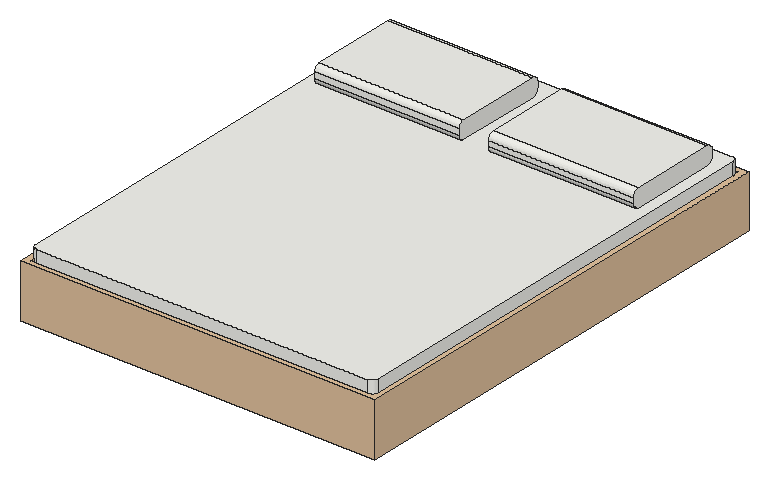
Revit family "Bed-Box", category Furniture, Revit 2018
Family settings
  OmniClass Number = 23.40.20.17.14.11
  OmniClass Title = Beds
  Work Plane-Based = No
  Always vertical = Yes
  Cut with Voids When Loaded = No
  Shared = No
  Room Calculation Point = No
Parameters (values of type "Queen 60" x 79"")
  Assembly Code = "E2020200"
  Frame Material = Birch
  Length = 6' - 7"
  Mattress Material = Linen, White
  Width = 5' - 0"
Types (4): name | Length | Width
  (no name) | 6' - 7" | 5' - 0"
  Double 53" x 74" | 6' - 2" | 4' - 5"
  Queen 60" x 79" | 6' - 7" | 5' - 0"
  Twin 38" x 74" | 6' - 2" | 3' - 2"
Reference planes (in)
  plane 1 "Center (Front/Back)": y = -9.22951
  plane 2: z = 0
  plane 3 "Center (Left/Right)": x = 13.35246
  plane 4: y = 30.27049
  plane 5: y = -48.72951
  plane 6: x = -16.64754
  plane 7: x = 43.35246
  plane 8: z = 7
  plane 9: y = 26.27049
  plane 10: y = 9.77049
Forms (in)
  Sweep 1, solid, material "Birch" <- "Frame Material"
    path origin (0, -48.72951, 0) x (1, 0, 0) y (0, 0, 1)
      loop
        line (-15.64754, 7) -> (-13.64754, 7) -> (-10.65262, 0.57738)
        arc (-10.65262, 0.57738) -> (-10.28362, 0.15661) -> (-9.74632, 0) r 1
        line (-9.74632, 0) -> (-6.65134, 0)
        arc (-6.65134, 0) -> (-6.39252, 0.03407) -> (-6.15134, 0.13397) r 1
        line (-6.15134, 0.13397) -> (-3.78531, 1.5) -> (30.49023, 1.5) -> (32.85625, 0.13397)
        arc (32.85625, 0.13397) -> (33.09744, 0.03407) -> (33.35625, 0) r 1
        line (33.35625, 0) -> (36.45124, 0)
        arc (36.45124, 0) -> (36.98853, 0.15661) -> (37.35754, 0.57738) r 1
        line (37.35754, 0.57738) -> (40.35246, 7) -> (42.35246, 7)
    profile origin (-14.64754, -48.72951, 0) x (0, 0, 1) y (0, -1, 0)
      loop
        line (7.75, -9) -> (7, -9) -> (7, -12) -> (7.75, -12) -> (7.75, -9)
  Extrusion 2, solid, material "Linen, White" <- "Mattress Material"
    sketch origin (0, 0, 16) x (1, 0, 0) y (0, 1, 0)
      loop
        line (41.35246, 29.27049) -> (-14.64754, 29.27049)
        arc (-14.64754, 29.27049) -> (-15.35465, 28.9776) -> (-15.64754, 28.27049) r 1
        line (-15.64754, 28.27049) -> (-15.64754, -46.72951)
        arc (-15.64754, -46.72951) -> (-15.35465, -47.43661) -> (-14.64754, -47.72951) r 1
        line (-14.64754, -47.72951) -> (41.35246, -47.72951)
        arc (41.35246, -47.72951) -> (42.05957, -47.43661) -> (42.35246, -46.72951) r 1
        line (42.35246, -46.72951) -> (42.35246, 28.27049)
        arc (42.35246, 28.27049) -> (42.05957, 28.9776) -> (41.35246, 29.27049) r 1
    from 0 to -8
  Sweep 3, solid, material "Birch" <- "Frame Material"
    path origin (0, 30.27049, 0) x (1, 0, 0) y (0, 0, 1)
      loop
        line (-15.63477, 7) -> (-13.63477, 7) -> (-10.63985, 0.57738)
        arc (-10.63985, 0.57738) -> (-10.27085, 0.15661) -> (-9.73355, 0) r 1
        line (-9.73355, 0) -> (-6.63857, 0)
        arc (-6.63857, 0) -> (-6.37975, 0.03407) -> (-6.13857, 0.13397) r 1
        line (-6.13857, 0.13397) -> (-3.77254, 1.5) -> (30.49023, 1.5) -> (32.85625, 0.13397)
        arc (32.85625, 0.13397) -> (33.09744, 0.03407) -> (33.35625, 0) r 1
        line (33.35625, 0) -> (36.45124, 0)
        arc (36.45124, 0) -> (36.98853, 0.15661) -> (37.35754, 0.57738) r 1
        line (37.35754, 0.57738) -> (40.35246, 7) -> (42.35246, 7)
    profile origin (-14.63477, 30.27049, 0) x (0, 0, 1) y (0, -1, 0)
      loop
        line (7, 13) -> (7, 10) -> (7.75, 10) -> (7.75, 13) -> (7, 13)
  Extrusion 4, solid, material "Birch" <- "Frame Material"
    sketch origin (0, 0, 0) x (1, 0, 0) y (0, 1, 0)
      loop
        line (-16.64754, 30.27049) -> (-16.64754, -48.72951) -> (43.35246, -48.72951) -> (43.35246, 30.27049) -> (-16.64754, 30.27049)
      loop
        line (-15.64754, 29.27049) -> (-15.64754, -47.72951) -> (42.35246, -47.72951) -> (42.35246, 29.27049) -> (-15.64754, 29.27049)
    from 5 to 14
  Sweep 5, solid, material "Linen, White" <- "Mattress Material"
    path origin (0, 0, 0) x (1, 0, 0) y (0, 1, 0)
      loop
        line (-13.64754, 26.27049) -> (10.85246, 26.27049)
    profile origin (-1.39754, 0, 0) x (0, 1, 0) y (0, 0, 1)
      loop
        line (10.77049, 16) -> (25.27049, 16)
        arc (25.27049, 16) -> (25.9776, 16.29289) -> (26.27049, 17) r 1
        line (26.27049, 17) -> (26.27049, 18)
        arc (26.27049, 18) -> (25.9776, 18.70711) -> (25.27049, 19) r 1
        line (25.27049, 19) -> (10.77049, 19)
        arc (10.77049, 19) -> (10.06339, 18.70711) -> (9.77049, 18) r 1
        line (9.77049, 18) -> (9.77049, 17)
        arc (9.77049, 17) -> (10.06339, 16.29289) -> (10.77049, 16) r 1
  Sweep 6, solid, material "Linen, White" <- "Mattress Material"
    path origin (29.5, 0, 0) x (1, 0, 0) y (0, 1, 0)
      loop
        line (-13.64754, 26.27049) -> (10.85246, 26.27049)
    profile origin (28.10246, 0, 0) x (0, 1, 0) y (0, 0, 1)
      loop
        line (10.77049, 16) -> (25.27049, 16)
        arc (25.27049, 16) -> (25.9776, 16.29289) -> (26.27049, 17) r 1
        line (26.27049, 17) -> (26.27049, 18)
        arc (26.27049, 18) -> (25.9776, 18.70711) -> (25.27049, 19) r 1
        line (25.27049, 19) -> (10.77049, 19)
        arc (10.77049, 19) -> (10.06339, 18.70711) -> (9.77049, 18) r 1
        line (9.77049, 18) -> (9.77049, 17)
        arc (9.77049, 17) -> (10.06339, 16.29289) -> (10.77049, 16) r 1
Lines and regions (in)
  Masking region 1
    outline origin (0, 0, 0) x (1, 0, 0) y (0, 1, 0)
      loop
        line (-16.64754, 30.27049) -> (-16.64754, -48.72951) -> (43.35246, -48.72951) -> (43.35246, 30.27049) -> (-16.64754, 30.27049)
  symbolic lines
    curve 1: line (-15.64754, 29.27049, 0) -> (42.35246, 29.27049, 0)
    curve 2: line (-15.64754, 29.27049, 0) -> (-15.64754, -47.72951, 0)
    curve 3: line (-15.64754, -47.72951, 0) -> (42.35246, -47.72951, 0)
    curve 4: line (42.35246, 29.27049, 0) -> (42.35246, -47.72951, 0)
    curve 5: line (-13.64754, 26.27049, 0) -> (10.85246, 26.27049, 0)
    curve 6: line (-13.64754, 26.27049, 0) -> (-13.64754, 9.77049, 0)
    curve 7: line (-13.64754, 9.77049, 0) -> (10.85246, 9.77049, 0)
    curve 8: line (10.85246, 26.27049, 0) -> (10.85246, 9.77049, 0)
    curve 9: line (15.85246, 26.27049, 0) -> (40.35246, 26.27049, 0)
    curve 10: line (15.85246, 26.27049, 0) -> (15.85246, 9.77049, 0)
    curve 11: line (15.85246, 9.77049, 0) -> (40.35246, 9.77049, 0)
    curve 12: line (40.35246, 26.27049, 0) -> (40.35246, 9.77049, 0)
    curve 13: line (42.35246, 9.77049, 0) -> (-15.64754, 0.77782, 0)
Dimensions and locks (in)
  equal spacing: plane 6, plane 3 "Center (Left/Right)", plane 7
  equal spacing: plane 5, plane 1 "Center (Front/Back)", plane 4
  "Length": plane 5 to plane 4
  "Width": plane 6 to plane 7
  locked: plane 6 to Sweep 1 sketch curve at 3
  locked: Sweep 1 sketch curve to Sweep 1 sketch curve at 3.09498  (x2)
  locked: Sweep 1 sketch curve to plane 7 at 3
  plane 10 to plane 9 to plane 4 = 1' - 4 1/2", 0' - 4" locked
  aligned and locked: Extrusion 2 sketch curve to Extrusion 4  (x4)
  aligned and locked: curve 10 to Sweep 6 sketch curve
  aligned and locked: curve 12 to Sweep 6 sketch curve
  aligned and locked: curve 5 to Sweep 6 sketch curve
  aligned and locked: Masking region 1 sketch curve to plane 6
  aligned and locked: plane 4 to Masking region 1 sketch curve
  aligned and locked: plane 7 to Masking region 1 sketch curve
  aligned and locked: Masking region 1 sketch curve to plane 5
Automatic sketch dimensions
  Sweep 1 sketch curve to profile plane = 0' - 0"
  Sweep 1 sketch curve to profile plane = 0' - 0 3/4"
  Sweep 1 sketch curve to plane 5 = 1' - 0"
  Sweep 1 sketch curve to Sweep 1 sketch curve = 0' - 3"
  Sweep 3 sketch curve to profile plane = 0' - 0"
  Sweep 3 sketch curve to profile plane = 0' - 0 3/4"
  plane 4 to Sweep 3 sketch curve = 0' - 10"
  Sweep 3 sketch curve to Sweep 3 sketch curve = 0' - 3"
  Extrusion 4 sketch curve to plane 4 = 0' - 0"
  Extrusion 4 sketch curve to plane 6 = 0' - 0"
  Extrusion 4 sketch curve to plane 5 = 0' - 0"
  Extrusion 4 sketch curve to plane 7 = 0' - 0"
  Extrusion 4 sketch curve to plane 6 = 0' - 1"
  plane 7 to Extrusion 4 sketch curve = 0' - 1"
  Extrusion 4 sketch curve to plane 5 = 0' - 1"
  plane 4 to Extrusion 4 sketch curve = 0' - 1"
  Extrusion 2 sketch curve to Extrusion 2 sketch curve = 0' - 1"  (x3)
  plane 4 to Extrusion 2 sketch curve = 0' - 2"
  Sweep 1 sketch curve to level = 0' - 0"  (x2)
  Sweep 1 sketch curve to plane 6 = 0' - 1"
  level to Sweep 1 sketch curve = 0' - 0.57738"  (x2)
  Sweep 1 sketch curve to Sweep 1 sketch curve = 0' - 2.99492"
  Sweep 1 sketch curve to Sweep 1 sketch curve = 0' - 0.90631"  (x2)
  level to Sweep 1 sketch curve = 0' - 0.13397"  (x2)
  Sweep 1 sketch curve to Sweep 1 sketch curve = 0' - 0 1/2"  (x2)
  level to Sweep 1 sketch curve = 0' - 1 1/2"
  Sweep 1 sketch curve to Sweep 1 sketch curve = 0' - 2.36603"  (x2)
  Sweep 1 sketch curve to Sweep 1 sketch curve = 0' - 9.86223"
  plane 7 to Sweep 1 sketch curve = 0' - 1"
  level to Sweep 1 sketch curve = 0' - 7"  (x2)
  Sweep 3 sketch curve to level = 0' - 0"  (x2)
  Sweep 3 sketch curve to plane 6 = 0' - 1.01277"
  Sweep 3 sketch curve to Sweep 3 sketch curve = 0' - 2"
  level to Sweep 3 sketch curve = 0' - 0.57738"  (x2)
  Sweep 3 sketch curve to plane 6 = 0' - 6.00769"
  level to Sweep 3 sketch curve = 0' - 1"  (x2)
  Sweep 3 sketch curve to Sweep 3 sketch curve = 0' - 3.09498"  (x2)
  level to Sweep 3 sketch curve = 0' - 0.13397"  (x2)
  Sweep 3 sketch curve to Sweep 3 sketch curve = 0' - 0 1/2"  (x2)
  level to Sweep 3 sketch curve = 0' - 1 1/2"  (x2)
  Sweep 3 sketch curve to Sweep 3 sketch curve = 0' - 2.36603"  (x2)
  plane 7 to Sweep 3 sketch curve = 1' - 0.86223"
  Sweep 3 sketch curve to Sweep 3 sketch curve = 0' - 0"
  plane 7 to Sweep 3 sketch curve = 0' - 3"
  plane 7 to Sweep 3 sketch curve = 0' - 1"
  level to Sweep 3 sketch curve = 0' - 7"  (x2)
  curve 6 to plane 6 = 0' - 3"
  curve 5 to plane 3 "Center (Left/Right)" = 0' - 2 1/2"
  plane 3 "Center (Left/Right)" to curve 9 = 0' - 2 1/2"
  plane 7 to curve 9 = 0' - 3"
  plane 7 to curve 13 = 0' - 1"
  curve 4 to plane 5 = 0' - 1"
  curve 13 to plane 1 "Center (Front/Back)" = 0' - 10.00732"
  curve 13 to curve 7 = 0' - 8.99268"
  curve 11 to curve 7 = 0' - 0"
  curve 13 to curve 11 = 0' - 0"
  plane 4 to curve 6 = 0' - 4"
  plane 4 to curve 10 = 0' - 4"
  plane 4 to curve 4 = 0' - 1"
  Sweep 5 sketch curve to plane 9 = 0' - 0"
  Sweep 5 sketch curve to plane 6 = 0' - 3"
  Sweep 5 sketch curve to plane 3 "Center (Left/Right)" = 0' - 2 1/2"
  Sweep 5 sketch curve to profile plane = 0' - 0"
  profile plane to Sweep 5 sketch curve = 0' - 1"  (x2)
  Sweep 5 sketch curve to Sweep 5 sketch curve = 1' - 2 1/2"
  Sweep 5 sketch curve to Sweep 5 sketch curve = 0' - 0"
  Sweep 5 sketch curve to Sweep 5 sketch curve = 0' - 1"  (x2)
  level to Sweep 5 sketch curve = 1' - 4"
  Sweep 6 sketch curve to profile plane = 0' - 0"
  profile plane to Sweep 6 sketch curve = 0' - 1"  (x2)
  Sweep 6 sketch curve to Sweep 6 sketch curve = 1' - 2 1/2"
  Sweep 6 sketch curve to Sweep 6 sketch curve = 0' - 0"
  Sweep 6 sketch curve to Sweep 6 sketch curve = 0' - 1"  (x2)
  curve 13 to plane 6 = 0' - 1"
